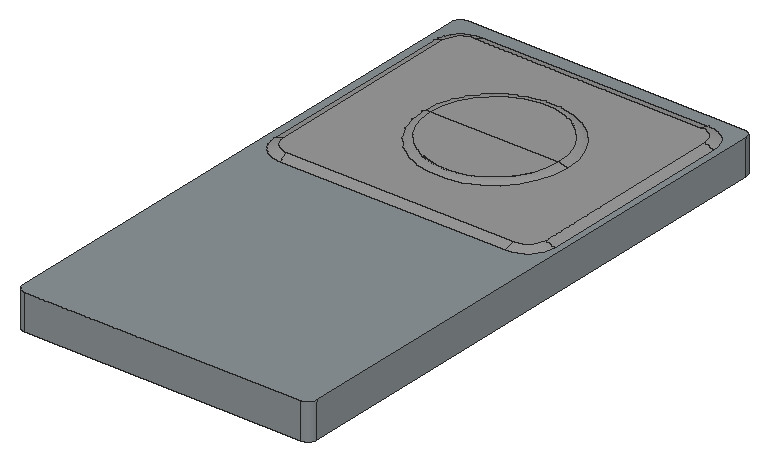
Revit family "VideoIntercom", category Security Devices, host Face, Revit 2019 (continued)
Definition of nested family "Speaker"
  Lines and regions (in)
    model lines
      curve 645: circle (-1.09375, -3.45, 0) r 0.04395 normal (0, 0, -1)
      curve 646: circle (1.09375, -3.45, 0) r 0.04395 normal (0, 0, -1)
      curve 647: circle (1.25, -3.45, 0) r 0.04395 normal (0, 0, -1)
      curve 648: circle (1.40625, -3.45, 0) r 0.04395 normal (0, 0, -1)
      curve 649: circle (1.5625, -3.45, 0) r 0.04395 normal (0, 0, -1)
      curve 650: circle (1.71875, -3.45, 0) r 0.04395 normal (0, 0, -1)
      curve 651: circle (1.875, -3.45, 0) r 0.04395 normal (0, 0, -1)
      curve 652: circle (2.03125, -3.45, 0) r 0.04395 normal (0, 0, -1)
      curve 653: circle (2.1875, -3.45, 0) r 0.04395 normal (0, 0, -1)
      curve 654: circle (-2.1875, -3.60625, 0) r 0.04395 normal (0, 0, -1)
      curve 655: circle (-2.03125, -3.60625, 0) r 0.04395 normal (0, 0, -1)
      curve 656: circle (-1.875, -3.60625, 0) r 0.04395 normal (0, 0, -1)
      curve 657: circle (-1.71875, -3.60625, 0) r 0.04395 normal (0, 0, -1)
      curve 658: circle (-1.5625, -3.60625, 0) r 0.04395 normal (0, 0, -1)
      curve 659: circle (-1.40625, -3.60625, 0) r 0.04395 normal (0, 0, -1)
      curve 660: circle (-1.25, -3.60625, 0) r 0.04395 normal (0, 0, -1)
      curve 661: circle (-1.09375, -3.60625, 0) r 0.04395 normal (0, 0, -1)
      curve 662: circle (1.09375, -3.60625, 0) r 0.04395 normal (0, 0, -1)
      curve 663: circle (1.25, -3.60625, 0) r 0.04395 normal (0, 0, -1)
      curve 664: circle (1.40625, -3.60625, 0) r 0.04395 normal (0, 0, -1)
      curve 665: circle (1.5625, -3.60625, 0) r 0.04395 normal (0, 0, -1)
      curve 666: circle (1.71875, -3.60625, 0) r 0.04395 normal (0, 0, -1)
      curve 667: circle (1.875, -3.60625, 0) r 0.04395 normal (0, 0, -1)
      curve 668: circle (2.03125, -3.60625, 0) r 0.04395 normal (0, 0, -1)
      curve 669: circle (2.1875, -3.60625, 0) r 0.04395 normal (0, 0, -1)
      curve 670: circle (-2.1875, -3.7625, 0) r 0.04395 normal (0, 0, -1)
      curve 671: circle (-2.03125, -3.7625, 0) r 0.04395 normal (0, 0, -1)
      curve 672: circle (-1.875, -3.7625, 0) r 0.04395 normal (0, 0, -1)
      curve 673: circle (-1.71875, -3.7625, 0) r 0.04395 normal (0, 0, -1)
      curve 674: circle (-1.5625, -3.7625, 0) r 0.04395 normal (0, 0, -1)
      curve 675: circle (-1.40625, -3.7625, 0) r 0.04395 normal (0, 0, -1)
      curve 676: circle (-1.25, -3.7625, 0) r 0.04395 normal (0, 0, -1)
      curve 677: circle (-1.09375, -3.7625, 0) r 0.04395 normal (0, 0, -1)
      curve 678: circle (1.09375, -3.7625, 0) r 0.04395 normal (0, 0, -1)
      curve 679: circle (1.25, -3.7625, 0) r 0.04395 normal (0, 0, -1)
      curve 680: circle (1.40625, -3.7625, 0) r 0.04395 normal (0, 0, -1)
      curve 681: circle (1.5625, -3.7625, 0) r 0.04395 normal (0, 0, -1)
      curve 682: circle (1.71875, -3.7625, 0) r 0.04395 normal (0, 0, -1)
      curve 683: circle (1.875, -3.7625, 0) r 0.04395 normal (0, 0, -1)
      curve 684: circle (2.03125, -3.7625, 0) r 0.04395 normal (0, 0, -1)
      curve 685: circle (2.1875, -3.7625, 0) r 0.04395 normal (0, 0, -1)
      curve 686: circle (-2.1875, -3.91875, 0) r 0.04395 normal (0, 0, -1)
      curve 687: circle (-2.03125, -3.91875, 0) r 0.04395 normal (0, 0, -1)
      curve 688: circle (-1.875, -3.91875, 0) r 0.04395 normal (0, 0, -1)
      curve 689: circle (-1.71875, -3.91875, 0) r 0.04395 normal (0, 0, -1)
      curve 690: circle (-1.5625, -3.91875, 0) r 0.04395 normal (0, 0, -1)
      curve 691: circle (-1.40625, -3.91875, 0) r 0.04395 normal (0, 0, -1)
      curve 692: circle (-1.25, -3.91875, 0) r 0.04395 normal (0, 0, -1)
      curve 693: circle (-1.09375, -3.91875, 0) r 0.04395 normal (0, 0, -1)
      curve 694: circle (1.09375, -3.91875, 0) r 0.04395 normal (0, 0, -1)
      curve 695: circle (1.25, -3.91875, 0) r 0.04395 normal (0, 0, -1)
      curve 696: circle (1.40625, -3.91875, 0) r 0.04395 normal (0, 0, -1)
      curve 697: circle (1.5625, -3.91875, 0) r 0.04395 normal (0, 0, -1)
      curve 698: circle (1.71875, -3.91875, 0) r 0.04395 normal (0, 0, -1)
      curve 699: circle (1.875, -3.91875, 0) r 0.04395 normal (0, 0, -1)
      curve 700: circle (2.03125, -3.91875, 0) r 0.04395 normal (0, 0, -1)
      curve 701: circle (2.1875, -3.91875, 0) r 0.04395 normal (0, 0, -1)
      curve 702: circle (-2.1875, -4.075, 0) r 0.04395 normal (0, 0, -1)
      curve 703: circle (-2.03125, -4.075, 0) r 0.04395 normal (0, 0, -1)
      curve 704: circle (-1.875, -4.075, 0) r 0.04395 normal (0, 0, -1)
      curve 705: circle (-1.71875, -4.075, 0) r 0.04395 normal (0, 0, -1)
      curve 706: circle (-1.5625, -4.075, 0) r 0.04395 normal (0, 0, -1)
      curve 707: circle (-1.40625, -4.075, 0) r 0.04395 normal (0, 0, -1)
      curve 708: circle (-1.25, -4.075, 0) r 0.04395 normal (0, 0, -1)
      curve 709: circle (-1.09375, -4.075, 0) r 0.04395 normal (0, 0, -1)
      curve 710: circle (1.09375, -4.075, 0) r 0.04395 normal (0, 0, -1)
      curve 711: circle (1.25, -4.075, 0) r 0.04395 normal (0, 0, -1)
      curve 712: circle (1.40625, -4.075, 0) r 0.04395 normal (0, 0, -1)
      curve 713: circle (1.5625, -4.075, 0) r 0.04395 normal (0, 0, -1)
      curve 714: circle (1.71875, -4.075, 0) r 0.04395 normal (0, 0, -1)
      curve 715: circle (1.875, -4.075, 0) r 0.04395 normal (0, 0, -1)
      curve 716: circle (2.03125, -4.075, 0) r 0.04395 normal (0, 0, -1)
      curve 717: circle (2.1875, -4.075, 0) r 0.04395 normal (0, 0, -1)
      curve 718: circle (-2.1875, -4.23125, 0) r 0.04395 normal (0, 0, -1)
      curve 719: circle (-2.03125, -4.23125, 0) r 0.04395 normal (0, 0, -1)
      curve 720: circle (-1.875, -4.23125, 0) r 0.04395 normal (0, 0, -1)
      curve 721: circle (-1.71875, -4.23125, 0) r 0.04395 normal (0, 0, -1)
      curve 722: circle (-1.5625, -4.23125, 0) r 0.04395 normal (0, 0, -1)
      curve 723: circle (-1.40625, -4.23125, 0) r 0.04395 normal (0, 0, -1)
      curve 724: circle (-1.25, -4.23125, 0) r 0.04395 normal (0, 0, -1)
      curve 725: circle (-1.09375, -4.23125, 0) r 0.04395 normal (0, 0, -1)
      curve 726: circle (-0.9375, -4.23125, 0) r 0.04395 normal (0, 0, -1)
      curve 727: circle (-0.78125, -4.23125, 0) r 0.04395 normal (0, 0, -1)
      curve 728: circle (-0.625, -4.23125, 0) r 0.04395 normal (0, 0, -1)
      curve 729: circle (-0.46875, -4.23125, 0) r 0.04395 normal (0, 0, -1)
      curve 730: circle (-0.3125, -4.23125, 0) r 0.04395 normal (0, 0, -1)
      curve 731: circle (-0.15625, -4.23125, 0) r 0.04395 normal (0, 0, -1)
      curve 732: circle (0, -4.23125, 0) r 0.04395 normal (0, 0, -1)
      curve 733: circle (0.15625, -4.23125, 0) r 0.04395 normal (0, 0, -1)
      curve 734: circle (0.3125, -4.23125, 0) r 0.04395 normal (0, 0, -1)
      curve 735: circle (0.46875, -4.23125, 0) r 0.04395 normal (0, 0, -1)
      curve 736: circle (0.625, -4.23125, 0) r 0.04395 normal (0, 0, -1)
      curve 737: circle (0.78125, -4.23125, 0) r 0.04395 normal (0, 0, -1)
      curve 738: circle (0.9375, -4.23125, 0) r 0.04395 normal (0, 0, -1)
      curve 739: circle (1.09375, -4.23125, 0) r 0.04395 normal (0, 0, -1)
      curve 740: circle (1.25, -4.23125, 0) r 0.04395 normal (0, 0, -1)
      curve 741: circle (1.40625, -4.23125, 0) r 0.04395 normal (0, 0, -1)
      curve 742: circle (1.5625, -4.23125, 0) r 0.04395 normal (0, 0, -1)
      curve 743: circle (1.71875, -4.23125, 0) r 0.04395 normal (0, 0, -1)
      curve 744: circle (1.875, -4.23125, 0) r 0.04395 normal (0, 0, -1)
      curve 745: circle (2.03125, -4.23125, 0) r 0.04395 normal (0, 0, -1)
      curve 746: circle (2.1875, -4.23125, 0) r 0.04395 normal (0, 0, -1)
      curve 747: circle (-2.1875, -4.3875, 0) r 0.04395 normal (0, 0, -1)
      curve 748: circle (-2.03125, -4.3875, 0) r 0.04395 normal (0, 0, -1)
      curve 749: circle (-1.875, -4.3875, 0) r 0.04395 normal (0, 0, -1)
      curve 750: circle (-1.71875, -4.3875, 0) r 0.04395 normal (0, 0, -1)
      curve 751: circle (-1.5625, -4.3875, 0) r 0.04395 normal (0, 0, -1)
      curve 752: circle (-1.40625, -4.3875, 0) r 0.04395 normal (0, 0, -1)
      curve 753: circle (-1.25, -4.3875, 0) r 0.04395 normal (0, 0, -1)
      curve 754: circle (-1.09375, -4.3875, 0) r 0.04395 normal (0, 0, -1)
      curve 755: circle (-0.9375, -4.3875, 0) r 0.04395 normal (0, 0, -1)
      curve 756: circle (-0.78125, -4.3875, 0) r 0.04395 normal (0, 0, -1)
      curve 757: circle (-0.625, -4.3875, 0) r 0.04395 normal (0, 0, -1)
      curve 758: circle (-0.46875, -4.3875, 0) r 0.04395 normal (0, 0, -1)
      curve 759: circle (-0.3125, -4.3875, 0) r 0.04395 normal (0, 0, -1)
      curve 760: circle (-0.15625, -4.3875, 0) r 0.04395 normal (0, 0, -1)
      curve 761: circle (0, -4.3875, 0) r 0.04395 normal (0, 0, -1)
      curve 762: circle (0.15625, -4.3875, 0) r 0.04395 normal (0, 0, -1)
      curve 763: circle (0.3125, -4.3875, 0) r 0.04395 normal (0, 0, -1)
      curve 764: circle (0.46875, -4.3875, 0) r 0.04395 normal (0, 0, -1)
      curve 765: circle (0.625, -4.3875, 0) r 0.04395 normal (0, 0, -1)
      curve 766: circle (0.78125, -4.3875, 0) r 0.04395 normal (0, 0, -1)
      curve 767: circle (0.9375, -4.3875, 0) r 0.04395 normal (0, 0, -1)
      curve 768: circle (1.09375, -4.3875, 0) r 0.04395 normal (0, 0, -1)
      curve 769: circle (1.25, -4.3875, 0) r 0.04395 normal (0, 0, -1)
      curve 770: circle (1.40625, -4.3875, 0) r 0.04395 normal (0, 0, -1)
      curve 771: circle (1.5625, -4.3875, 0) r 0.04395 normal (0, 0, -1)
      curve 772: circle (1.71875, -4.3875, 0) r 0.04395 normal (0, 0, -1)
      curve 773: circle (1.875, -4.3875, 0) r 0.04395 normal (0, 0, -1)
      curve 774: circle (2.03125, -4.3875, 0) r 0.04395 normal (0, 0, -1)
      curve 775: circle (2.1875, -4.3875, 0) r 0.04395 normal (0, 0, -1)
      curve 776: circle (-2.1875, -4.54375, 0) r 0.04395 normal (0, 0, -1)
      curve 777: circle (-2.03125, -4.54375, 0) r 0.04395 normal (0, 0, -1)
      curve 778: circle (-1.875, -4.54375, 0) r 0.04395 normal (0, 0, -1)
      curve 779: circle (-1.71875, -4.54375, 0) r 0.04395 normal (0, 0, -1)
      curve 780: circle (-1.5625, -4.54375, 0) r 0.04395 normal (0, 0, -1)
      curve 781: circle (-1.40625, -4.54375, 0) r 0.04395 normal (0, 0, -1)
      curve 782: circle (-1.25, -4.54375, 0) r 0.04395 normal (0, 0, -1)
      curve 783: circle (-1.09375, -4.54375, 0) r 0.04395 normal (0, 0, -1)
      curve 784: circle (-0.9375, -4.54375, 0) r 0.04395 normal (0, 0, -1)
      curve 785: circle (-0.78125, -4.54375, 0) r 0.04395 normal (0, 0, -1)
      curve 786: circle (-0.625, -4.54375, 0) r 0.04395 normal (0, 0, -1)
      curve 787: circle (-0.46875, -4.54375, 0) r 0.04395 normal (0, 0, -1)
      curve 788: circle (-0.3125, -4.54375, 0) r 0.04395 normal (0, 0, -1)
      curve 789: circle (-0.15625, -4.54375, 0) r 0.04395 normal (0, 0, -1)
      curve 790: circle (0, -4.54375, 0) r 0.04395 normal (0, 0, -1)
      curve 791: circle (0.15625, -4.54375, 0) r 0.04395 normal (0, 0, -1)
      curve 792: circle (0.3125, -4.54375, 0) r 0.04395 normal (0, 0, -1)
      curve 793: circle (0.46875, -4.54375, 0) r 0.04395 normal (0, 0, -1)
      curve 794: circle (0.625, -4.54375, 0) r 0.04395 normal (0, 0, -1)
      curve 795: circle (0.78125, -4.54375, 0) r 0.04395 normal (0, 0, -1)
      curve 796: circle (0.9375, -4.54375, 0) r 0.04395 normal (0, 0, -1)
      curve 797: circle (1.09375, -4.54375, 0) r 0.04395 normal (0, 0, -1)
      curve 798: circle (1.25, -4.54375, 0) r 0.04395 normal (0, 0, -1)
      curve 799: circle (1.40625, -4.54375, 0) r 0.04395 normal (0, 0, -1)
      curve 800: circle (1.5625, -4.54375, 0) r 0.04395 normal (0, 0, -1)
      curve 801: circle (1.71875, -4.54375, 0) r 0.04395 normal (0, 0, -1)
      curve 802: circle (1.875, -4.54375, 0) r 0.04395 normal (0, 0, -1)
      curve 803: circle (2.03125, -4.54375, 0) r 0.04395 normal (0, 0, -1)
      curve 804: circle (2.1875, -4.54375, 0) r 0.04395 normal (0, 0, -1)
  Dimensions and locks (in)
    aligned and locked: plane 2 to level
Types (2): name | Height | Description
  TD52 Surface Mount | 1.7" | "VIDEO INTERCOM - SURFACE MOUNT"
  TD52 Trim Plate Mount | 0.7" | "VIDEO INTERCOM - TRIM PLATE MOUNT"
